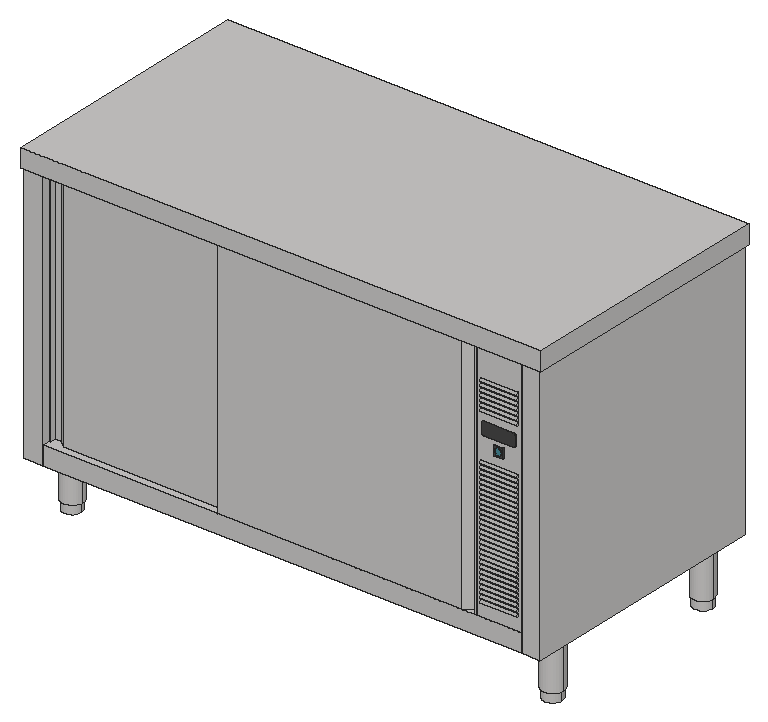
Revit family "QF_ELECTROLUXPROFESSIONAL_133089_TC1400EN", category Attrezzature speciali, Revit 2020
Family settings
  Quota connettore circolare = Usa diametro
  Tipo di parte = Normale
  Basato su piano di lavoro = No
  Sempre verticale = Sì
  Taglio con vuoti quando caricato = No
  Condiviso = No
  Punto di calcolo locali = No
Parameters (values of type "Standard")
  Weight = 60.00 kg
  Watts = 2400 W
  Volts = 220 V
  URL Manufacturer = "https://www.electroluxprofessional.com/"
  URL = "https://www.electroluxprofessional.com/"
  Steam Supply Size = 0 mm
  Steam Supply Minimum Pressure = 0.0 Pa
  Steam Supply Maximum Pressure = 0.0 Pa
  Steam Consumption per Hour = 0
  Refrigeration Suction Line Size = 0.0 mm
  Refrigeration Liquid Line Size = 0.0 mm
  Refrigerant Compressor Remote = yes
  Prospetto di default = 0.0 mm
  Produttore = "Electrolux Professional"
  Phase = 1
  Modello = "TC1400EN"
  Length Actual = 1400.0 mm  # constant formula
  Item Number = "133089"
  Hot Water Size = 0 mm
  Height Actual = 900.0 mm  # constant formula
  HP = "3.2 HP"
  Gas Size = 0 mm
  Gas KW = 0
  Gas Input Pressure = 0 W
  Direct Waste Size = 0 mm
  Descrizione = "HOT CUPBOARD 1400 MM"
  Depth Actual = 700.0 mm  # constant formula
  Cycle = 50 Hz
  Condensate Return Size = 0 mm
  Compressed Air Volume = 0.0 L/s
  Compressed Air Size = 0 mm
  Compressed Air Pressure = 0.0 Pa
  Cold Water Size = 0 mm
  Accessory = yes
Reference planes
  plane 1 "Center (Front/Back)": y = 0
  plane 2: z = 0
  plane 3 "Center (Left/Right)": x = -200
  plane 4 "LEFT": x = -900
  plane 5 "RIGHT": x = 500
  plane 6 "BACK": y = 350
  plane 7 "FRONT": y = -350
  plane 8 "Base": z = 850
  plane 9 "TOP": z = 900
  plane 10: x = -846.5
  plane 11: x = 446.5
  plane 12: y = 264.5
  plane 13: y = -241.5
  plane 14 "BodyLeft": x = -894.5
  plane 15 "BodyFront": y = -344.5
  plane 16 "BodyRight": x = 494.5
  plane 17 "BodyBack": y = 344.5
  plane 18 "FEET": z = 150
  plane 19: x = 324.5
  plane 20: x = -261
  plane 21: x = 444.5
  plane 22 "EIx": x = 400
  plane 23 "EIy": y = -170
Forms (mm)
  Extrusion 1, solid, material "QF_Finishes_Stainless Steel"
    sketch origin (-200, 0, 0) x (0, 1, 0) y (0, 0, 1)
      loop
        line (-350, 850) -> (350, 850) -> (350, 900) -> (-350, 900) -> (-350, 850)
    from 700 to -700
  Extrusion 2, solid, material "QF_Finishes_Stainless Steel"
    sketch origin (0, 0, 150) x (-1, 0, 0) y (0, -1, 0)
      loop
        line (894.5, -344.5) -> (894.5, 344.5) -> (844.5, 344.5) -> (844.5, -344.5) -> (894.5, -344.5)
      loop
        line (-444.5, -344.5) -> (-444.5, 344.5) -> (-494.5, 344.5) -> (-494.5, -344.5) -> (-444.5, -344.5)
    from 0 to 700
  Extrusion 3, solid, material "QF_Finishes_Stainless Steel"
    sketch origin (0, 0, 150) x (-1, 0, 0) y (0, -1, 0)
      loop
        line (844.5, -344.5) -> (844.5, 344.5) -> (-444.5, 344.5) -> (-444.5, -344.5) -> (844.5, -344.5)
    from 0 to 50
  Extrusion 4, solid, material "QF_Finishes_Stainless Steel"
    sketch origin (-1, 0, 150) x (-1, 0, 0) y (0, -1, 0)
      loop
        line (-325.5, 344.5) -> (-325.5, 324.5) -> (370.5, 324.5) -> (370.5, 344.5) -> (-285.5, 344.5) -> (-305.5, 329.5) -> (-320.5, 329.5) -> (-320.5, 344.5) -> (-325.5, 344.5)
    from 50 to 700
  Extrusion 5, solid, material "QF_Finishes_Stainless Steel"
    sketch origin (1, 20, 150) x (1, 0, 0) y (0, 1, 0)
      loop
        line (-845.5, -344.5) -> (-840.5, -344.5) -> (-840.5, -329.5) -> (-825.5, -329.5) -> (-805.5, -344.5) -> (-151.5, -344.5) -> (-151.5, -324.5) -> (-845.5, -324.5) -> (-845.5, -344.5)
    from 50 to 700
  Extrusion 6, solid, material "QF_Finishes_Stainless Steel"
    sketch origin (0, 0, 0) x (1, 0, 0) y (0, 1, 0)
      loop
        line (-844.5, -304.5) -> (324.5, -304.5) -> (324.5, 324.5) -> (-844.5, 324.5) -> (-844.5, -304.5)
    from 500 to 540
  Extrusion 7, solid, material "QF_Finishes_Stainless Steel"
    sketch origin (0, 0, 0) x (1, 0, 0) y (0, 1, 0)
      loop
        line (444.5, 344.5) -> (-844.5, 344.5) -> (-844.5, 324.5) -> (444.5, 324.5) -> (444.5, 344.5)
    from 200 to 850
  Extrusion 8, solid, material "QF_Finishes_Stainless Steel"
    sketch origin (0, 0, 150) x (-1, 0, 0) y (0, -1, 0)
      loop
        circle (-400, 170) r 10
    from 0 to -5
Cuts and joins
  joined: Extrusion 3, Extrusion 7
Lines and regions (mm)
  symbolic lines
    curve 1: line (500, 350, 900) -> (-900, 350, 900)
    curve 2: line (-900, 350, 900) -> (-900, -350, 900)
    curve 3: line (-900, -350, 900) -> (500, -350, 900)
    curve 4: line (500, -350, 900) -> (500, 350, 900)
  symbolic lines, style "SpecialityEquipmentHiddenLines"
    curve 5: line (-894.5, 344.5, 150) -> (494.5, 344.5, 150)
    curve 6: line (-894.5, -344.5, 150) -> (-894.5, 344.5, 150)
    curve 7: line (494.5, -344.5, 150) -> (-894.5, -344.5, 150)
    curve 8: line (494.5, 344.5, 150) -> (494.5, -344.5, 150)
    curve 9: line (-845.5, -304.5, 150) -> (-149.5, -304.5, 150)
    curve 10: line (-149.5, -304.5, 150) -> (-149.5, -324.5, 150)
    curve 11: line (-845.5, -324.5, 150) -> (324.5, -324.5, 150)
    curve 12: line (324.5, -324.5, 150) -> (324.5, -344.5, 150)
    curve 13: line (-845.5, -304.5, 150) -> (-845.5, -324.5, 150)
    curve 14: line (-371.5, -344.5, 0) -> (-371.5, -324.5, 0)
Dimensions and locks
  plane 4 "LEFT" to plane 5 "RIGHT" = 1400.0 mm
  equal spacing: plane 4 "LEFT", plane 3 "Center (Left/Right)", plane 5 "RIGHT"
  locked: plane 8 "Base" to level at 850
  plane 9 "TOP" to level = 900.0 mm
  plane 6 "BACK" to plane 7 "FRONT" = 700.0 mm
  equal spacing: plane 6 "BACK", plane 1 "Center (Front/Back)", plane 7 "FRONT"
  locked: plane 4 "LEFT" to plane 14 "BodyLeft" at 5.5
  locked: plane 16 "BodyRight" to plane 5 "RIGHT" at 5.5
  locked: plane 15 "BodyFront" to plane 7 "FRONT" at 5.5
  locked: plane 6 "BACK" to plane 17 "BodyBack" at 5.5
  locked: plane 14 "BodyLeft" to plane 10 at 48
  locked: plane 11 to plane 16 "BodyRight" at 48
  locked: plane 13 to plane 15 "BodyFront" at 103
  locked: plane 17 "BodyBack" to plane 12 at 80
  plane 10 to plane 11 = 1293.0 mm
  plane 12 to plane 13 = 506.0 mm
  locked: plane 14 "BodyLeft" to Extrusion 2 sketch curve at 50
  locked: Extrusion 2 sketch curve to Extrusion 2 sketch curve at 50
  equal spacing: plane 10, plane 20, plane 19
  locked: plane 21 to plane 16 "BodyRight" at 50
  locked: plane 19 to plane 21 at 120
  locked: Extrusion 4 sketch curve to plane 20 at 110.5
  locked: plane 20 to Extrusion 5 sketch curve at 110.5
  locked: plane 18 "FEET" to level at 150
  locked: plane 22 "EIx" to plane 5 "RIGHT" at 100
  plane 23 "EIy" to plane 7 "FRONT" = 180.0 mm
  aligned and locked: level to plane 2
  aligned and locked: plane 10 to nested 1
  aligned and locked: nested 1 to plane 13
  aligned and locked: plane 11 to nested 2
  aligned and locked: nested 2 to plane 13
  aligned and locked: plane 11 to nested 4
  aligned and locked: nested 4 to plane 12
  aligned and locked: plane 10 to nested 3
  aligned and locked: nested 3 to plane 12
  aligned and locked: Extrusion 1 to plane 4 "LEFT"
  aligned and locked: plane 5 "RIGHT" to Extrusion 1
  aligned and locked: curve 2 to plane 4 "LEFT"
  aligned and locked: plane 17 "BodyBack" to Extrusion 2 sketch curve
  aligned and locked: Extrusion 2 sketch curve to plane 15 "BodyFront"
  aligned and locked: Extrusion 2 sketch curve to plane 14 "BodyLeft"
  aligned and locked: plane 16 "BodyRight" to Extrusion 2 sketch curve
  aligned and locked: Extrusion 2 sketch curve to plane 17 "BodyBack"
  aligned and locked: plane 15 "BodyFront" to Extrusion 2 sketch curve
  aligned and locked: Extrusion 3 sketch curve to plane 17 "BodyBack"
  aligned and locked: plane 15 "BodyFront" to Extrusion 3 sketch curve
  aligned and locked: plane 8 "Base" to Extrusion 2
  aligned and locked: plane 8 "Base" to Extrusion 4
  aligned and locked: Extrusion 4 to Extrusion 3
  aligned and locked: Extrusion 1 to plane 8 "Base"
  aligned and locked: plane 9 "TOP" to Extrusion 1
  aligned and locked: curve 5 to plane 17 "BodyBack"
  aligned and locked: plane 14 "BodyLeft" to curve 6
  aligned and locked: plane 15 "BodyFront" to curve 7
  aligned and locked: plane 16 "BodyRight" to curve 8
  aligned and locked: Extrusion 3 to Extrusion 2  (x2)
  aligned and locked: Extrusion 6 sketch curve to Extrusion 2
  aligned and locked: Extrusion 6 sketch curve to Extrusion 5
  aligned and locked: nested 5 to plane 21
  aligned and locked: Extrusion 7 sketch curve to Extrusion 2
  aligned and locked: Extrusion 6 sketch curve to plane 19
Automatic sketch dimensions
  curve 14 to plane 15 "BodyFront" = 0.0 mm
  plane 15 "BodyFront" to curve 14 = 20.0 mm
  curve 14 to plane 20 = 110.5 mm
  curve 3 to plane 7 "FRONT" = 0.0 mm
  curve 4 to plane 6 "BACK" = 0.0 mm
  Extrusion 1 sketch curve to plane 7 "FRONT" = 0.0 mm
  Extrusion 1 sketch curve to plane 6 "BACK" = 0.0 mm
  Extrusion 1 sketch curve to plane 8 "Base" = 0.0 mm
  Extrusion 1 sketch curve to plane 9 "TOP" = 0.0 mm
  Extrusion 3 sketch curve to plane 21 = 0.0 mm
  plane 10 to Extrusion 3 sketch curve = 2.0 mm
  Extrusion 4 sketch curve to plane 19 = 0.0 mm
  Extrusion 4 sketch curve to plane 15 "BodyFront" = 0.0 mm  (x2)
  Extrusion 4 sketch curve to Extrusion 4 sketch curve = 5.0 mm
  Extrusion 4 sketch curve to Extrusion 4 sketch curve = 15.0 mm  (x2)
  Extrusion 4 sketch curve to Extrusion 4 sketch curve = 20.0 mm  (x2)
  Extrusion 5 sketch curve to plane 15 "BodyFront" = 20.0 mm  (x2)
  Extrusion 5 sketch curve to plane 10 = 42.0 mm
  Extrusion 5 sketch curve to plane 10 = 22.0 mm
  Extrusion 5 sketch curve to plane 10 = 7.0 mm
  Extrusion 5 sketch curve to plane 10 = 2.0 mm
  Extrusion 5 sketch curve to Extrusion 5 sketch curve = 15.0 mm
  Extrusion 5 sketch curve to Extrusion 5 sketch curve = 20.0 mm
  plane 21 to curve 12 = 120.0 mm
  curve 7 to plane 15 "BodyFront" = 0.0 mm
  plane 3 "Center (Left/Right)" to curve 9 = 50.5 mm
  plane 10 to curve 11 = 1.0 mm
  plane 15 "BodyFront" to curve 9 = 40.0 mm
  curve 11 to curve 12 = 20.0 mm
  plane 12 to Extrusion 6 sketch curve = 60.0 mm
  Extrusion 7 sketch curve to plane 17 "BodyBack" = 0.0 mm
  Extrusion 7 sketch curve to plane 21 = 0.0 mm
  Extrusion 7 sketch curve to plane 17 "BodyBack" = 20.0 mm
  curve 4 to plane 5 "RIGHT" = 0.0 mm
  Extrusion 8 sketch curve to plane 22 "EIx" = 0.0 mm
  Extrusion 8 sketch curve to plane 23 "EIy" = 0.0 mm
  radius of Extrusion 8 sketch curve = 10.0 mm
Nested families
  nested 1: "FEET_D58-150" at (-846.5, -241.5, 0), type "FEET_D58-150"
  nested 2: "FEET_D58-150" at (446.5, -241.5, 0), type "FEET_D58-150"
  nested 3: "FEET_D58-150" at (-846.5, 264.5, 0), type "FEET_D58-150"
  nested 4: "FEET_D58-150" at (446.5, 264.5, 0), type "FEET_D58-150"
  nested 5: "WT_PNL120x650" at (531.42, -304.5, 600) x (1, 0, 0) z (0, -1, 0), type "WT_PNL120x650"
    with Show Logo yes
Connectors
  electrical at (400, -170, 145)
    settings: on Extrusion 8, index 1, voltage 0 V, apparent load 0 VA, apparent load phase1 0 VA, apparent load phase2 0 VA, apparent load phase3 0 VA, power factor 1, load classification "Other", number of poles 1, system type 30, power factor state 1, is connector primary yes, connector utility no, sub classification motor no, connector description "Electrical connection"
Definition of nested family "FEET_D58-150"
  Parameters
    Default Elevation = 0.0 mm
    FEET = 150.0 mm
  Reference planes
    plane 1 "Center (Front/Back)": y = 0
    plane 2: z = 0
    plane 3 "Center (Left/Right)": x = 0
    plane 4: z = 150
  Forms (mm)
    Extrusion 1, solid
      sketch origin (0, 0, 0) x (1, 0, 0) y (0, 1, 0)
        loop
          circle (0, 0) r 25
      from 0 to 25
    Extrusion 2, solid
      sketch origin (0, 0, 0) x (1, 0, 0) y (0, 1, 0)
        loop
          circle (0.061, 0) r 29
      from 25 to 150 <- "FEET"
  Lines and regions (mm)
    symbolic lines
      curve 1: line (0, -1.503, 0) -> (0, 1.508, 0)
      curve 2: line (1.561, 0, 0) -> (-1.439, 0, 0)
  Dimensions and locks
    "FEET": plane 4 to plane 2
    aligned and locked: level to plane 2
  Automatic sketch dimensions
    plane 1 "Center (Front/Back)" to Extrusion 1 sketch curve = 0.0 mm
    Extrusion 1 sketch curve to plane 3 "Center (Left/Right)" = 0.0 mm
    plane 1 "Center (Front/Back)" to curve 2 = 0.0 mm
    curve 1 to plane 3 "Center (Left/Right)" = 0.0 mm
    curve 2 to plane 3 "Center (Left/Right)" = 1.439 mm
    plane 3 "Center (Left/Right)" to curve 2 = 1.561 mm
    plane 1 "Center (Front/Back)" to curve 1 = 1.503 mm
    curve 1 to plane 1 "Center (Front/Back)" = 1.508 mm
    plane 1 "Center (Front/Back)" to Extrusion 2 sketch curve = 0.0 mm
    plane 3 "Center (Left/Right)" to Extrusion 2 sketch curve = 0.061 mm
    radius of Extrusion 1 sketch curve = 25.0 mm
    radius of Extrusion 2 sketch curve = 29.0 mm
Definition of nested family "WT_PNL120x650"
  Parameters
    Show Logo [instance] = yes
    Default Elevation = 1219.2 mm
  Reference planes
    plane 1 "Center (Front/Back)": y = -75
    plane 2: z = 0
    plane 3 "Center (Left/Right)": x = -146.92
    plane 4: x = -206.92
    plane 5: x = -86.92
    plane 6: y = 250
    plane 7: y = -400
    plane 8 "TOP": z = 40
  Forms (mm)
    Extrusion 1, solid
      sketch origin (0, 0, 0) x (1, 0, 0) y (0, 1, 0)
        loop
          line (-1219.2, 1219.2) -> (-1219.2, -1219.2) -> (1219.2, -1219.2) -> (1219.2, 1219.2) -> (-1219.2, 1219.2)
      from 0 to -304.8
    Extrusion 2, solid
      sketch origin (0, 0, 0) x (1, 0, 0) y (0, 1, 0)
        loop
          line (-206.92, 250) -> (-206.92, -400) -> (-86.92, -400) -> (-86.92, 250) -> (-206.92, 250)
      from 0 to 40
    Extrusion 3, void
      sketch origin (0, 0, 40) x (-1, 0, 0) y (0, -1, 0)
        loop
          arc (101.92, -68.899) -> (103.795, -73.256) -> (108.247, -74.89) r 6
          line (108.247, -74.89) -> (185.92, -74.89)
          arc (185.92, -74.89) -> (190.163, -73.133) -> (191.92, -68.89) r 6
          line (191.92, -68.89) -> (191.92, -45.89)
          arc (191.92, -45.89) -> (190.163, -41.648) -> (185.92, -39.89) r 6
          line (185.92, -39.89) -> (107.92, -39.89)
          arc (107.92, -39.89) -> (103.677, -41.648) -> (101.92, -45.89) r 6
          line (101.92, -45.89) -> (101.92, -68.899)
        loop
          line (158.92, -27.89) -> (158.92, -2.89) -> (134.92, -2.89) -> (134.92, -27.89) -> (158.92, -27.89)
      from -2 to 0
    Extrusion 4, solid
      sketch origin (0, 0, 40) x (-1, 0, 0) y (0, -1, 0)
        loop
          line (185.92, -39.89) -> (107.92, -39.89)
          arc (107.92, -39.89) -> (103.677, -41.648) -> (101.92, -45.89) r 6
          line (101.92, -45.89) -> (101.92, -68.899)
          arc (101.92, -68.899) -> (103.795, -73.256) -> (108.247, -74.89) r 6
          line (108.247, -74.89) -> (185.92, -74.89)
          arc (185.92, -74.89) -> (190.163, -73.133) -> (191.92, -68.89) r 6
          line (191.92, -68.89) -> (191.92, -45.89)
          arc (191.92, -45.89) -> (190.163, -41.648) -> (185.92, -39.89) r 6
      from -2 to 1
    Extrusion 5, solid
      sketch origin (-146.92, 0, 0) x (0, 1, 0) y (0, 0, 1)
        loop
          line (95.896, 40) -> (104.899, 40) -> (95.896, 41.206) -> (95.896, 40)
        loop
          line (107.896, 40) -> (116.899, 40) -> (107.896, 41.206) -> (107.896, 40)
        loop
          line (119.896, 40) -> (128.899, 40) -> (119.896, 41.206) -> (119.896, 40)
        loop
          line (131.896, 40) -> (140.899, 40) -> (131.896, 41.206) -> (131.896, 40)
        loop
          line (143.896, 40) -> (152.899, 40) -> (143.896, 41.206) -> (143.896, 40)
        loop
          line (155.896, 40) -> (164.899, 40) -> (155.896, 41.206) -> (155.896, 40)
        loop
          line (167.896, 40) -> (176.899, 40) -> (167.896, 41.206) -> (167.896, 40)
        loop
          line (-102.104, 40) -> (-93.101, 40) -> (-102.104, 41.206) -> (-102.104, 40)
        loop
          line (-90.104, 40) -> (-81.101, 40) -> (-90.104, 41.206) -> (-90.104, 40)
        loop
          line (-78.104, 40) -> (-69.101, 40) -> (-78.104, 41.206) -> (-78.104, 40)
        loop
          line (-66.104, 40) -> (-57.101, 40) -> (-66.104, 41.206) -> (-66.104, 40)
        loop
          line (-54.104, 40) -> (-45.101, 40) -> (-54.104, 41.206) -> (-54.104, 40)
        loop
          line (-42.104, 40) -> (-33.101, 40) -> (-42.104, 41.206) -> (-42.104, 40)
        loop
          line (-30.104, 40) -> (-21.101, 40) -> (-30.104, 41.206) -> (-30.104, 40)
        loop
          line (-174.104, 40) -> (-165.101, 40) -> (-174.104, 41.206) -> (-174.104, 40)
        loop
          line (-162.104, 40) -> (-153.101, 40) -> (-162.104, 41.206) -> (-162.104, 40)
        loop
          line (-150.104, 40) -> (-141.101, 40) -> (-150.104, 41.206) -> (-150.104, 40)
        loop
          line (-138.104, 40) -> (-129.101, 40) -> (-138.104, 41.206) -> (-138.104, 40)
        loop
          line (-126.104, 40) -> (-117.101, 40) -> (-126.104, 41.206) -> (-126.104, 40)
        loop
          line (-114.104, 40) -> (-105.101, 40) -> (-114.104, 41.206) -> (-114.104, 40)
        loop
          line (-246.104, 40) -> (-237.101, 40) -> (-246.104, 41.206) -> (-246.104, 40)
        loop
          line (-234.104, 40) -> (-225.101, 40) -> (-234.104, 41.206) -> (-234.104, 40)
        loop
          line (-222.104, 40) -> (-213.101, 40) -> (-222.104, 41.206) -> (-222.104, 40)
        loop
          line (-210.104, 40) -> (-201.101, 40) -> (-210.104, 41.206) -> (-210.104, 40)
        loop
          line (-198.104, 40) -> (-189.101, 40) -> (-198.104, 41.206) -> (-198.104, 40)
        loop
          line (-186.104, 40) -> (-177.101, 40) -> (-186.104, 41.206) -> (-186.104, 40)
        loop
          line (-318.104, 40) -> (-309.101, 40) -> (-318.104, 41.206) -> (-318.104, 40)
        loop
          line (-306.104, 40) -> (-297.101, 40) -> (-306.104, 41.206) -> (-306.104, 40)
        loop
          line (-294.104, 40) -> (-285.101, 40) -> (-294.104, 41.206) -> (-294.104, 40)
        loop
          line (-282.104, 40) -> (-273.101, 40) -> (-282.104, 41.206) -> (-282.104, 40)
        loop
          line (-270.104, 40) -> (-261.101, 40) -> (-270.104, 41.206) -> (-270.104, 40)
        loop
          line (-258.104, 40) -> (-249.101, 40) -> (-258.104, 41.206) -> (-258.104, 40)
        loop
          line (-366.104, 40) -> (-357.101, 40) -> (-366.104, 41.206) -> (-366.104, 40)
        loop
          line (-354.104, 40) -> (-345.101, 40) -> (-354.104, 41.206) -> (-354.104, 40)
        loop
          line (-342.104, 40) -> (-333.101, 40) -> (-342.104, 41.206) -> (-342.104, 40)
        loop
          line (-330.104, 40) -> (-321.101, 40) -> (-330.104, 41.206) -> (-330.104, 40)
      from -50 to 50
    Extrusion 6, solid
      sketch origin (0, 0, 40) x (-1, 0, 0) y (0, -1, 0)
        loop
          line (134.92, -27.89) -> (158.92, -27.89) -> (158.92, -2.89) -> (134.92, -2.89) -> (134.92, -27.89)
        loop
          circle (146.92, -15.39) r 9
      from -2 to 3
    Extrusion 7, solid
      sketch origin (0, 0, 40) x (-1, 0, 0) y (0, -1, 0)
        loop
          circle (146.92, -15.39) r 9
      from 0 to 3
  Cuts and joins
    Extrusion 3 cuts Extrusion 2
  Dimensions and locks
    equal spacing: plane 6, plane 1 "Center (Front/Back)", plane 7
    equal spacing: plane 4, plane 3 "Center (Left/Right)", plane 5
    plane 8 "TOP" to level = 40.0 mm
    aligned and locked: plane 2 to Extrusion 1
    aligned and locked: level to Extrusion 1
  Automatic sketch dimensions
    Extrusion 1 sketch curve to Extrusion 1 sketch curve = 2438.4 mm  (x2)
    Extrusion 2 sketch curve to plane 4 = 0.0 mm
    Extrusion 2 sketch curve to plane 5 = 0.0 mm
    Extrusion 2 sketch curve to plane 7 = 0.0 mm
    Extrusion 2 sketch curve to plane 6 = 0.0 mm
    Extrusion 5 sketch curve to plane 8 "TOP" = 0.0 mm  (x36)
    Extrusion 5 sketch curve to Extrusion 5 sketch curve = 9.003 mm  (x35)
    plane 8 "TOP" to Extrusion 5 sketch curve = 1.206 mm  (x22)
    Extrusion 5 sketch curve to Extrusion 5 sketch curve = 2.997 mm  (x33)
    plane 1 "Center (Front/Back)" to Extrusion 5 sketch curve = 6.101 mm
    plane 1 "Center (Front/Back)" to Extrusion 5 sketch curve = 3.104 mm
    Extrusion 5 sketch curve to plane 1 "Center (Front/Back)" = 5.899 mm
    Extrusion 5 sketch curve to Extrusion 5 sketch curve = 116.997 mm
    Extrusion 5 sketch curve to Extrusion 5 sketch curve = 1.206 mm  (x14)
    Extrusion 4 sketch curve to plane 5 = 15.0 mm
    Extrusion 4 sketch curve to Extrusion 4 sketch curve = 6.0 mm  (x3)
    Extrusion 4 sketch curve to Extrusion 4 sketch curve = 0.327 mm
    plane 4 to Extrusion 4 sketch curve = 21.0 mm  (x2)
    Extrusion 4 sketch curve to plane 1 "Center (Front/Back)" = 149.89 mm
    Extrusion 4 sketch curve to Extrusion 4 sketch curve = 23.009 mm
    Extrusion 3 sketch curve to plane 5 = 15.0 mm
    Extrusion 3 sketch curve to Extrusion 3 sketch curve = 6.0 mm  (x3)
    Extrusion 3 sketch curve to Extrusion 3 sketch curve = 0.327 mm
    plane 3 "Center (Left/Right)" to Extrusion 3 sketch curve = 12.0 mm
    Extrusion 3 sketch curve to plane 3 "Center (Left/Right)" = 12.0 mm
    plane 4 to Extrusion 3 sketch curve = 21.0 mm  (x2)
    Extrusion 3 sketch curve to plane 1 "Center (Front/Back)" = 149.89 mm
    Extrusion 3 sketch curve to Extrusion 3 sketch curve = 23.0 mm
    Extrusion 3 sketch curve to Extrusion 3 sketch curve = 12.0 mm
    Extrusion 3 sketch curve to Extrusion 3 sketch curve = 25.0 mm
    Extrusion 6 sketch curve to plane 3 "Center (Left/Right)" = 0.0 mm
    plane 3 "Center (Left/Right)" to Extrusion 6 sketch curve = 12.0 mm
    Extrusion 6 sketch curve to plane 3 "Center (Left/Right)" = 12.0 mm
    Extrusion 6 sketch curve to plane 1 "Center (Front/Back)" = 102.89 mm
    Extrusion 6 sketch curve to Extrusion 6 sketch curve = 12.5 mm  (x2)
    Extrusion 7 sketch curve to plane 3 "Center (Left/Right)" = 0.0 mm
    Extrusion 7 sketch curve to plane 1 "Center (Front/Back)" = 90.39 mm
    radius of Extrusion 6 sketch curve = 9.0 mm
    radius of Extrusion 7 sketch curve = 9.0 mm
